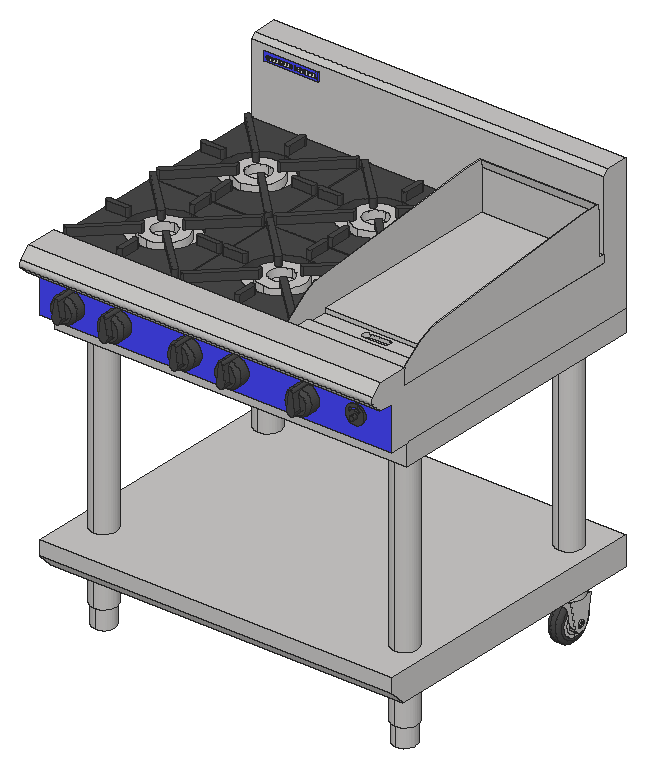
Revit family "QF_MOFFAT_BLUESEAL_CE_G516C-LS", category Specialty Equipment, Revit 2012
Parameters
  Width = 900 mm
  Weight in Pounds = 283  # constant formula
  URL Cutsheet = "www.moffat.com"
  URL = "www.moffat.com"
  Type Mark [instance] = ""
  Status [instance] = ""
  Specification by User [instance] = ""
  Specification by Manufacturer = ""
  Show Logo [instance] = yes
  Show Casters [instance] = yes
  Serial Number = ""
  Seismic Rating = ""
  SMACNA No = ""
  Revision Code [instance] = ""
  Omniclass Number and Title = ""
  NAFEM Spec ID Number = ""
  Model = "G516C-LS"
  Mechanical Remarks = ""
  Mechanical Connection Type = ""
  Masterspec = ""
  Manufacturer = "MOFFAT BLUESEAL"
  Legs [instance] = not(Show Casters)  # no
  Item Number [instance] = ""
  Installed By [instance] = ""
  Identify Quantity as Lot [instance] = yes
  Gas Size = 3/4"
  Gas RI Height = 0 mm
  Gas KW = 34
  Gas Input = 116800.0 Btu/h
  Gas Connection Height = 0 mm
  Furnished By [instance] = ""
  Foodservice Equipment Identifier [instance] = yes
  Description = "900MM GAS COOK TOP ON LEG STAND"
  Depth = 812 mm
  CSI MasterFormat = ""
  CSI Master Format = ""
  Base Height [instance] = 150 mm
Reference planes
  plane 1 "BACK": y = 0
  plane 2: z = 0
  plane 3 "LEFT": x = 0
  plane 4 "RIGHT": x = 900
  plane 5 "FRONT": y = -812
  plane 6 "TOP": z = 970
  plane 7 "Center Y": x = 450
  plane 8 "Center X": y = -406
  plane 9 "Base Height": z = 150
  plane 10: z = 915
  plane 11: x = 770
  plane 12: z = 1085
  plane 13: x = 65.354
  plane 14: y = -625
  plane 15: y = -100
  plane 16: x = 834.646
  plane 17: z = 655
Forms (mm)
  Extrusion 1, solid, material "QF_Finishes_Stainless Steel"
    sketch origin (0, 0, 0) x (0, 1, 0) y (0, 0, 1)
      loop
        line (-749, 850) -> (-749, 740) -> (0, 740) -> (0, 1085) -> (-57.5, 1085) -> (-70, 1072.5) -> (-70, 875) -> (-705, 875) -> (-705, 915) -> (-783.97, 915) -> (-808.485, 890.485)
        arc (-808.485, 890.485) -> (-811.999, 882) -> (-808.485, 873.515) r 12
        line (-808.485, 873.515) -> (-784.97, 850) -> (-749, 850)
      loop
        line (0, 685) -> (0, 739.5) -> (-699, 739.5) -> (-699, 685) -> (0, 685)
      loop
        line (0, 222.5) -> (-749, 222.5) -> (-749, 186) -> (-713, 150) -> (0, 150) -> (0, 222.5)
    from 0 to 900
  Revolve 2, solid, material "QF_Finishes_Black"
    sketch origin (90, 7, 600) x (0, 1, 0) y (0, 0, -1)
      loop
        line (-789, -229.5) -> (-766, -229.5) -> (-766, -202) -> (-756, -202) -> (-756, -197) -> (-800, -197) -> (-800, -223.651) -> (-789, -229.5)
      axis (-800, -197) -> (-756, -197)
    angle from 0 to 360
  Extrusion 3, solid, material "QF_Finishes_Black"
    sketch origin (90, -759, 797) x (0, 0, 1) y (1, 0, 0)
      loop
        arc (32.192, -4.965) -> (37.079, 0.034) -> (32.192, 5.033) r 5
        line (32.192, 5.033) -> (-10.726, 10.453)
        arc (-10.726, 10.453) -> (-22.392, 0.618) -> (-11.893, -10.454) r 10.487
        line (-11.893, -10.454) -> (32.192, -4.965)
    from 0 to -49
  Extrusion 4, solid, material "QF_Finishes_Stainless Steel"
    sketch origin (0, 0, 222.5) x (0, -1, 0) y (1, 0, 0)
      loop
        circle (100, 65) r 31.75
      loop
        circle (625, 65) r 31.75
      loop
        circle (100, 835) r 31.75
      loop
        circle (625, 835) r 31.75
    from 0 to 462.5
  Revolve 5, solid, material "QF_Finishes_Stainless Steel", visible <- "Legs"
    sketch origin (65.5, -166, 0) x (0, 1, 0) y (0, 0, 1)
      loop
        line (34.25, 150) -> (34.25, 50) -> (38.5, 50) -> (38.5, 0) -> (66, 0) -> (66, 150) -> (34.25, 150)
      axis (66, 150) -> (66, 0)
    angle from 0 to 360
  Revolve 6, solid, material "QF_Finishes_Stainless Steel"
    sketch origin (65.5, -735, 0) x (0, 1, 0) y (0, 0, 1)
      loop
        line (78.25, 150) -> (78.25, 50) -> (82.5, 50) -> (82.5, 0) -> (110, 0) -> (110, 150) -> (78.25, 150)
      axis (110, 150) -> (110, 0)
    angle from 0 to 360
  Revolve 7, solid, material "QF_Finishes_Stainless Steel", visible <- "Legs"
    sketch origin (834.646, -166, -0.354) x (0, 1, 0) y (0, 0, -1)
      loop
        line (34.25, -150) -> (66, -150) -> (66, -0.354) -> (38.5, -0.354) -> (38.5, -50) -> (34.25, -50) -> (34.25, -150)
      axis (66, -150) -> (66, -0.354)
    angle from 0 to 360
  Revolve 8, solid, material "QF_Finishes_Stainless Steel"
    sketch origin (834.646, -728, -0.354) x (0, 1, 0) y (0, 0, -1)
      loop
        line (71.25, -150) -> (103, -150) -> (103, -0.354) -> (75.5, -0.354) -> (75.5, -50) -> (71.25, -50) -> (71.25, -150)
      axis (103, -150) -> (103, -0.354)
    angle from 0 to 360
  Revolve 9, solid, material "QF_Finishes_Stainless Steel", visible <- "Show Casters"
    sketch origin (16.276, -100.755, -12.8) x (1, 0, 0) y (0, 0, 1)
      loop
        line (14.841, 63.604) -> (83.584, 63.604) -> (83.584, 67.109) -> (82.314, 68.379) -> (80.79, 68.379) -> (80.79, 71.826) -> (68.644, 71.826) -> (68.644, 81.79) -> (65.088, 83.843) -> (63.738, 92.179) -> (65.881, 92.179) -> (65.881, 98.529) -> (65.088, 98.529) -> (65.088, 104.879)
        arc (65.088, 104.879) -> (62.298, 111.614) -> (55.563, 114.404) r 9.525
        line (55.563, 114.404) -> (42.863, 114.404)
        arc (42.863, 114.404) -> (36.127, 111.614) -> (33.338, 104.879) r 9.525
        line (33.338, 104.879) -> (33.338, 98.529) -> (32.544, 98.529) -> (32.544, 92.179) -> (34.687, 92.179) -> (33.352, 83.932) -> (29.782, 81.871) -> (29.782, 71.826) -> (17.635, 71.826) -> (17.635, 68.379) -> (16.111, 68.379) -> (14.841, 67.109) -> (14.841, 63.604)
      axis (14.841, 63.604) -> (83.584, 63.604)
    angle from 0 to 360
  Extrusion 10, solid, material "QF_Finishes_Stainless Steel", visible <- "Show Casters"
    sketch origin (72.001, 132.353, -8.783) x (0, 1, 0) y (0, 0, 1)
      loop
        line (-200.603, 118.783) -> (-264.103, 118.783) -> (-251.746, 53.895)
        arc (-251.746, 53.895) -> (-232.353, 38.783) -> (-212.959, 53.895) r 20
        line (-212.959, 53.895) -> (-200.603, 118.783)
    from -35.667 to 22.923
  Revolve 11, solid, material "QF_Finishes_Stainless Steel", visible <- "Show Casters"
    sketch origin (65.5, -204, 0) x (0, 1, 0) y (0, 0, 1)
      loop
        line (68.25, 150) -> (68.25, 110) -> (104, 110) -> (104, 150) -> (68.25, 150)
      axis (104, 150) -> (104, 110)
    angle from 0 to 360
  Revolve 12, solid, material "QF_Finishes_Stainless Steel", visible <- "Legs"
    sketch origin (65.5, -166, 0) x (0, 1, 0) y (0, 0, 1)
      loop
        line (34.25, 150) -> (34.25, 50) -> (38.5, 50) -> (38.5, 0) -> (66, 0) -> (66, 150) -> (34.25, 150)
      axis (66, 150) -> (66, 0)
    angle from 0 to 360
  Revolve 13, solid, material "QF_Finishes_Stainless Steel", visible <- "Show Casters"
    sketch origin (485.423, -100.755, -12.798) x (1, 0, 0) y (0, 0, 1)
      loop
        line (314.841, 63.604) -> (383.584, 63.604) -> (383.584, 67.109) -> (382.314, 68.379) -> (380.79, 68.379) -> (380.79, 71.826) -> (368.644, 71.826) -> (368.644, 81.79) -> (365.088, 83.843) -> (363.738, 92.179) -> (365.881, 92.179) -> (365.881, 98.529) -> (365.088, 98.529) -> (365.088, 104.879)
        arc (365.088, 104.879) -> (362.298, 111.614) -> (355.563, 114.404) r 9.525
        line (355.563, 114.404) -> (342.863, 114.404)
        arc (342.863, 114.404) -> (336.127, 111.614) -> (333.338, 104.879) r 9.525
        line (333.338, 104.879) -> (333.338, 98.529) -> (332.544, 98.529) -> (332.544, 92.179) -> (334.687, 92.179) -> (333.352, 83.932) -> (329.782, 81.871) -> (329.782, 71.826) -> (317.635, 71.826) -> (317.635, 68.379) -> (316.111, 68.379) -> (314.841, 67.109) -> (314.841, 63.604)
      axis (314.841, 63.604) -> (383.584, 63.604)
    angle from 0 to 360
  Extrusion 14, solid, material "QF_Finishes_Stainless Steel", visible <- "Show Casters"
    sketch origin (841.147, 132.353, -9.137) x (0, 1, 0) y (0, 0, 1)
      loop
        line (-200.603, 118.783) -> (-264.103, 118.783) -> (-251.746, 53.895)
        arc (-251.746, 53.895) -> (-232.353, 38.783) -> (-212.959, 53.895) r 20
        line (-212.959, 53.895) -> (-200.603, 118.783)
    from -35.667 to 22.923
  Revolve 15, solid, material "QF_Finishes_Stainless Steel", visible <- "Show Casters"
    sketch origin (834.646, -204, -0.354) x (0, 1, 0) y (0, 0, 1)
      loop
        line (68.25, 150) -> (68.25, 110) -> (104, 110) -> (104, 150) -> (68.25, 150)
      axis (104, 150) -> (104, 110)
    angle from 0 to 360
  Extrusion 16, solid, material "QF_Finishes_Stainless Steel"
    sketch origin (0, 0, 685) x (-1, 0, 0) y (0, 1, 0)
      loop
        circle (-770, -32) r 6.35
    from 0 to 30
  Revolve 17, solid, material "QF_Finishes_Black"
    sketch origin (390, 7, 600) x (0, 1, 0) y (0, 0, -1)
      loop
        line (-789, -229.5) -> (-766, -229.5) -> (-766, -202) -> (-756, -202) -> (-756, -197) -> (-800, -197) -> (-800, -223.651) -> (-789, -229.5)
      axis (-800, -197) -> (-756, -197)
    angle from 0 to 360
  Extrusion 18, solid, material "QF_Finishes_Black"
    sketch origin (390, -759, 797) x (0, 0, 1) y (1, 0, 0)
      loop
        arc (32.192, -4.965) -> (37.079, 0.034) -> (32.192, 5.033) r 5
        line (32.192, 5.033) -> (-10.726, 10.453)
        arc (-10.726, 10.453) -> (-22.392, 0.618) -> (-11.893, -10.454) r 10.487
        line (-11.893, -10.454) -> (32.192, -4.965)
    from 0 to -49
  Revolve 19, solid, material "QF_Finishes_Black"
    sketch origin (690, 7, 600) x (0, 1, 0) y (0, 0, -1)
      loop
        line (-789, -229.5) -> (-766, -229.5) -> (-766, -202) -> (-756, -202) -> (-756, -197) -> (-800, -197) -> (-800, -223.651) -> (-789, -229.5)
      axis (-800, -197) -> (-756, -197)
    angle from 0 to 360
  Extrusion 20, solid, material "QF_Finishes_Black"
    sketch origin (690, -759, 797) x (0, 0, 1) y (1, 0, 0)
      loop
        arc (32.192, -4.965) -> (37.079, 0.034) -> (32.192, 5.033) r 5
        line (32.192, 5.033) -> (-10.726, 10.453)
        arc (-10.726, 10.453) -> (-22.392, 0.618) -> (-11.893, -10.454) r 10.487
        line (-11.893, -10.454) -> (32.192, -4.965)
    from 0 to -49
  Extrusion 21, solid, material "QF_Finishes_Black"
    sketch origin (0, -749, 850) x (0, 0, -1) y (1, 0, 0)
      loop
        circle (53, 810) r 23.9
      loop
        arc (45.641, 818.419) -> (46.501, 823.219) -> (41.701, 824.079) r 3.448
        arc (41.701, 824.079) -> (35.116, 809.341) -> (42.919, 795.209) r 18.095
        arc (42.919, 795.209) -> (47.641, 796.491) -> (46.326, 801.204) r 3.448
        arc (46.326, 801.204) -> (42.758, 809.683) -> (45.641, 818.419) r 13.109
    from 0 to 5
  Extrusion 22, solid, material "QF_Finishes_Black"
    sketch origin (0, -754, 850) x (0, 0, -1) y (1, 0, 0)
      loop
        circle (56.5, 810) r 5.75
    from 0 to 10
  Revolve 23, solid, material "QF_Finishes_Black"
    sketch origin (210, 7, 600) x (0, 1, 0) y (0, 0, -1)
      loop
        line (-789, -229.5) -> (-766, -229.5) -> (-766, -202) -> (-756, -202) -> (-756, -197) -> (-800, -197) -> (-800, -223.651) -> (-789, -229.5)
      axis (-800, -197) -> (-756, -197)
    angle from 0 to 360
  Extrusion 24, solid, material "QF_Finishes_Black"
    sketch origin (210, -759, 797) x (0, 0, 1) y (1, 0, 0)
      loop
        arc (32.192, -4.965) -> (37.079, 0.034) -> (32.192, 5.033) r 5
        line (32.192, 5.033) -> (-10.726, 10.453)
        arc (-10.726, 10.453) -> (-22.392, 0.618) -> (-11.893, -10.454) r 10.487
        line (-11.893, -10.454) -> (32.192, -4.965)
    from 0 to -49
  Revolve 25, solid, material "QF_Finishes_Black"
    sketch origin (510, 7, 600) x (0, 1, 0) y (0, 0, -1)
      loop
        line (-789, -229.5) -> (-766, -229.5) -> (-766, -202) -> (-756, -202) -> (-756, -197) -> (-800, -197) -> (-800, -223.651) -> (-789, -229.5)
      axis (-800, -197) -> (-756, -197)
    angle from 0 to 360
  Extrusion 26, solid, material "QF_Finishes_Black"
    sketch origin (510, -759, 797) x (0, 0, 1) y (1, 0, 0)
      loop
        arc (32.192, -4.965) -> (37.079, 0.034) -> (32.192, 5.033) r 5
        line (32.192, 5.033) -> (-10.726, 10.453)
        arc (-10.726, 10.453) -> (-22.392, 0.618) -> (-11.893, -10.454) r 10.487
        line (-11.893, -10.454) -> (32.192, -4.965)
    from 0 to -49
Lines and regions (mm)
  Split face 1
    outline origin (0, -56.5, 1085) x (0, 1, 0) y (-1, 0, 0)
      loop
        line (11.115, -338.041) -> (11.115, -566)
        arc (11.115, -566) -> (16.115, -574.66) -> (26.115, -574.66) r 10
        line (26.115, -574.66) -> (33.115, -570.619)
        arc (33.115, -570.619) -> (36.775, -566.959) -> (38.115, -561.959) r 10
        line (38.115, -561.959) -> (38.115, -334)
        arc (38.115, -334) -> (33.115, -325.34) -> (23.115, -325.34) r 10
        line (23.115, -325.34) -> (16.115, -329.381)
        arc (16.115, -329.381) -> (12.455, -333.041) -> (11.115, -338.041) r 10
  Split face 2
    outline origin (0, -56.5, 1085) x (0, 1, 0) y (-1, 0, 0)
      loop
        line (38.115, -851.959) -> (38.115, -624)
        arc (38.115, -624) -> (33.115, -615.34) -> (23.115, -615.34) r 10
        line (23.115, -615.34) -> (16.115, -619.381)
        arc (16.115, -619.381) -> (12.455, -623.041) -> (11.115, -628.041) r 10
        line (11.115, -628.041) -> (11.115, -856)
        arc (11.115, -856) -> (16.115, -864.66) -> (26.115, -864.66) r 10
        line (26.115, -864.66) -> (33.115, -860.619)
        arc (33.115, -860.619) -> (36.775, -856.959) -> (38.115, -851.959) r 10
  Split face 3
    outline origin (0, -56.5, 1085) x (0, 1, 0) y (-1, 0, 0)
      loop
        line (11.115, -48.041) -> (11.115, -276)
        arc (11.115, -276) -> (16.115, -284.66) -> (26.115, -284.66) r 10
        line (26.115, -284.66) -> (33.115, -280.619)
        arc (33.115, -280.619) -> (36.775, -276.959) -> (38.115, -271.959) r 10
        line (38.115, -271.959) -> (38.115, -44)
        arc (38.115, -44) -> (33.115, -35.34) -> (23.115, -35.34) r 10
        line (23.115, -35.34) -> (16.115, -39.381)
        arc (16.115, -39.381) -> (12.455, -43.041) -> (11.115, -48.041) r 10
  symbolic lines, style "SpecialityEquipmentHiddenLines", visible <- "Show Casters"
    curve 1: line (78.456, -46.735, 0) -> (105.952, -62.61, 0)
    curve 2: line (27.656, -134.723, 0) -> (78.456, -46.735, 0)
    curve 3: line (55.152, -150.598, 0) -> (27.656, -134.723, 0)
    curve 4: line (105.952, -62.61, 0) -> (55.152, -150.598, 0)
    curve 5: line (848.456, -46.735, 0) -> (875.952, -62.61, 0)
    curve 6: line (797.656, -134.723, 0) -> (848.456, -46.735, 0)
    curve 7: line (825.152, -150.598, 0) -> (797.656, -134.723, 0)
    curve 8: line (875.952, -62.61, 0) -> (825.152, -150.598, 0)
  symbolic lines
    curve 9: line (0, -783.97, 0) -> (900, -783.97, 0)
    curve 10: line (0, 0, 0) -> (0, -811.999, 0)
    curve 11: line (900, -811.999, 0) -> (900, 0, 0)
    curve 12: line (900, -811.999, 0) -> (0, -811.999, 0)
    curve 13: line (0, -70, 0) -> (900, -70, 0)
    curve 14: line (0, -57.5, 0) -> (900, -57.5, 0)
    curve 15: line (900, 0, 0) -> (0, 0, 0)
    curve 16: line (561.959, -18.385, 0) -> (334, -18.385, 0)
    curve 17: arc (334, -18.385, 0) -> (325.34, -23.385, 0) -> (325.34, -33.385, 0) r 10
    curve 18: line (325.34, -33.385, 0) -> (329.381, -40.385, 0)
    curve 19: arc (329.381, -40.385, 0) -> (333.041, -44.045, 0) -> (338.041, -45.385, 0) r 10
    curve 20: line (338.041, -45.385, 0) -> (566, -45.385, 0)
    curve 21: arc (566, -45.385, 0) -> (574.66, -40.385, 0) -> (574.66, -30.385, 0) r 10
    curve 22: line (574.66, -30.385, 0) -> (570.619, -23.385, 0)
    curve 23: arc (570.619, -23.385, 0) -> (566.959, -19.725, 0) -> (561.959, -18.385, 0) r 10
    curve 24: line (851.959, -18.385, 0) -> (624, -18.385, 0)
    curve 25: arc (624, -18.385, 0) -> (615.34, -23.385, 0) -> (615.34, -33.385, 0) r 10
    curve 26: line (615.34, -33.385, 0) -> (619.381, -40.385, 0)
    curve 27: arc (619.381, -40.385, 0) -> (623.041, -44.045, 0) -> (628.041, -45.385, 0) r 10
    curve 28: line (628.041, -45.385, 0) -> (856, -45.385, 0)
    curve 29: arc (856, -45.385, 0) -> (864.66, -40.385, 0) -> (864.66, -30.385, 0) r 10
    curve 30: line (864.66, -30.385, 0) -> (860.619, -23.385, 0)
    curve 31: arc (860.619, -23.385, 0) -> (856.959, -19.725, 0) -> (851.959, -18.385, 0) r 10
    curve 32: line (271.959, -18.385, 0) -> (44, -18.385, 0)
    curve 33: arc (44, -18.385, 0) -> (35.34, -23.385, 0) -> (35.34, -33.385, 0) r 10
    curve 34: line (35.34, -33.385, 0) -> (39.381, -40.385, 0)
    curve 35: arc (39.381, -40.385, 0) -> (43.041, -44.045, 0) -> (48.041, -45.385, 0) r 10
    curve 36: line (48.041, -45.385, 0) -> (276, -45.385, 0)
    curve 37: arc (276, -45.385, 0) -> (284.66, -40.385, 0) -> (284.66, -30.385, 0) r 10
    curve 38: line (284.66, -30.385, 0) -> (280.619, -23.385, 0)
    curve 39: arc (280.619, -23.385, 0) -> (276.959, -19.725, 0) -> (271.959, -18.385, 0) r 10
    curve 40: line (0, -705, 0) -> (900, -705, 0)
Dimensions and locks
  equal spacing: plane 3 "LEFT", plane 7 "Center Y", plane 4 "RIGHT"
  "Width": plane 3 "LEFT" to plane 4 "RIGHT"
  equal spacing: plane 5 "FRONT", plane 8 "Center X", plane 1 "BACK"
  "Depth": plane 5 "FRONT" to plane 1 "BACK"
  equal spacing: plane 4 "RIGHT", plane 7 "Center Y", plane 3 "LEFT"
  plane 4 "RIGHT" to plane 3 "LEFT" = 900 mm
  plane 5 "FRONT" to plane 1 "BACK" = 812 mm
  "Base Height": plane 9 "Base Height" to level
  plane 6 "TOP" to level = 970 mm
  plane 10 to level = 915 mm
  plane 11 to plane 4 "RIGHT" = 130 mm
  plane 12 to plane 2 = 1085 mm
  Revolve 9 sketch curve to Revolve 9 sketch curve = 50.8 mm
  Revolve 13 sketch curve to Revolve 13 sketch curve = 50.8 mm
  plane 15 to plane 14 = 525 mm
  plane 17 to plane 2 = 655 mm
  Extrusion 16 sketch curve to plane 1 "BACK" = 32 mm
  aligned and locked: level to plane 2
Automatic sketch dimensions
  plane 1 "BACK" to curve 15 = 0 mm
  curve 15 to plane 3 "LEFT" = 0 mm
  curve 11 to plane 4 "RIGHT" = 0 mm
  plane 3 "LEFT" to curve 2 = 27.656 mm
  plane 13 to curve 34 = 30.014 mm
  curve 34 to curve 34 = 4.041 mm
  curve 33 to curve 33 = 8.66 mm
  curve 34 to curve 35 = 8.66 mm
  plane 13 to curve 3 = 10.202 mm
  curve 1 to plane 13 = 13.102 mm
  plane 1 "BACK" to curve 39 = 18.385 mm
  curve 1 to curve 39 = 166.007 mm
  curve 39 to curve 37 = 4.041 mm
  curve 32 to curve 39 = 8.66 mm
  plane 1 "BACK" to curve 38 = 30.385 mm
  curve 38 to curve 38 = 4.041 mm
  plane 1 "BACK" to curve 18 = 33.385 mm
  curve 38 to curve 18 = 40.679 mm
  curve 17 to curve 19 = 4.041 mm  (x2)
  curve 17 to curve 16 = 8.66 mm
  plane 1 "BACK" to curve 23 = 28.385 mm
  plane 7 "Center Y" to curve 23 = 111.959 mm
  curve 23 to curve 20 = 4.041 mm
  curve 16 to curve 23 = 8.66 mm
  curve 23 to curve 21 = 4.041 mm
  plane 1 "BACK" to curve 26 = 33.385 mm
  curve 22 to curve 26 = 40.679 mm
  curve 26 to curve 27 = 4.041 mm
  curve 25 to curve 24 = 8.66 mm
  curve 26 to curve 27 = 8.66 mm
  plane 11 to curve 6 = 27.656 mm
  curve 8 to plane 16 = 9.494 mm
  plane 16 to curve 6 = 13.809 mm
  plane 16 to curve 24 = 17.312 mm
  curve 5 to curve 28 = 7.544 mm
  curve 31 to curve 31 = 8.66 mm
  curve 31 to curve 29 = 4.041 mm
  curve 33 to curve 32 = 15 mm
  curve 27 to curve 25 = 2 mm
  curve 37 to curve 37 = 5 mm
  curve 35 to curve 33 = 7 mm
  plane 1 "BACK" to curve 29 = 35.385 mm
  curve 21 to curve 23 = 7 mm
  curve 19 to curve 17 = 2 mm
  curve 27 to curve 26 = 7 mm
  curve 18 to curve 17 = 7 mm
  curve 1 to curve 36 = 1.35 mm
  curve 6 to curve 28 = 1.35 mm
  curve 14 to plane 15 = 42.5 mm
  curve 5 to curve 14 = 5.11 mm
  curve 4 to curve 1 = 15.875 mm
  curve 13 to curve 14 = 12.5 mm
  plane 14 to curve 40 = 80 mm
  curve 9 to plane 5 "FRONT" = 28.03 mm
  curve 12 to plane 5 "FRONT" = 0.001 mm
  curve 27 to curve 25 = 7 mm
  curve 19 to curve 17 = 7 mm
  curve 29 to curve 31 = 7 mm
  curve 37 to curve 39 = 7 mm
  plane 10 to Extrusion 1 sketch curve = 0 mm
  Extrusion 1 sketch curve to plane 9 "Base Height" = 0 mm
  plane 12 to Extrusion 1 sketch curve = 0 mm
  Extrusion 1 sketch curve to plane 1 "BACK" = 0 mm  (x3)
  Extrusion 1 sketch curve to plane 15 = 42.5 mm
  plane 12 to Extrusion 1 sketch curve = 12.5 mm
  Extrusion 1 sketch curve to Extrusion 1 sketch curve = 12.5 mm
  plane 17 to Extrusion 1 sketch curve = 30 mm
  plane 14 to Extrusion 1 sketch curve = 74 mm
  plane 14 to Extrusion 1 sketch curve = 80 mm
  plane 14 to Extrusion 1 sketch curve = 88 mm
  Extrusion 1 sketch curve to Extrusion 1 sketch curve = 44 mm
  Extrusion 1 sketch curve to Extrusion 1 sketch curve = 36 mm
  Extrusion 1 sketch curve to plane 5 "FRONT" = 28.03 mm
  Extrusion 1 sketch curve to plane 5 "FRONT" = 27.03 mm
  Extrusion 1 sketch curve to plane 5 "FRONT" = 12.001 mm
  Extrusion 1 sketch curve to plane 5 "FRONT" = 3.515 mm  (x2)
  plane 9 "Base Height" to Extrusion 1 sketch curve = 36 mm
  plane 9 "Base Height" to Extrusion 1 sketch curve = 72.5 mm
  Extrusion 1 sketch curve to Extrusion 1 sketch curve = 54.5 mm
  Extrusion 1 sketch curve to Extrusion 1 sketch curve = 0.5 mm
  plane 10 to Extrusion 1 sketch curve = 65 mm
  Extrusion 1 sketch curve to Extrusion 1 sketch curve = 23.515 mm
  plane 10 to Extrusion 1 sketch curve = 40 mm
  Extrusion 1 sketch curve to Extrusion 1 sketch curve = 8.485 mm
  Revolve 2 sketch curve to plane 5 "FRONT" = 19 mm
  Revolve 2 sketch curve to Revolve 2 sketch curve = 0 mm  (x2)
  Revolve 2 sketch curve to Revolve 2 sketch curve = 11 mm
  Revolve 2 sketch curve to Revolve 2 sketch curve = 12.7 mm
  Revolve 2 sketch curve to Revolve 2 sketch curve = 23 mm
  Revolve 2 sketch curve to Revolve 2 sketch curve = 10 mm
  plane 10 to Revolve 2 sketch curve = 85.5 mm
  Revolve 2 sketch curve to Revolve 2 sketch curve = 5.849 mm
  Revolve 2 sketch curve to Revolve 2 sketch curve = 27.5 mm
  Revolve 2 sketch curve to Revolve 2 sketch curve = 5 mm
  Extrusion 3 sketch curve to Revolve 2 = 0.034 mm  (x2)
  Revolve 2 to Extrusion 3 sketch curve = 10.454 mm
  Extrusion 3 sketch curve to Extrusion 3 sketch curve = 0.028 mm
  Extrusion 3 sketch curve to Revolve 2 = 10.453 mm
  Extrusion 3 sketch curve to Extrusion 3 sketch curve = 44 mm
  Extrusion 3 sketch curve to Revolve 2 = 5.033 mm
  Extrusion 3 sketch curve to Extrusion 3 sketch curve = 0.113 mm
  Revolve 2 to Extrusion 3 sketch curve = 4.965 mm
  Extrusion 4 sketch curve to Extrusion 4 sketch curve = 0 mm  (x8)
  Extrusion 1 to Extrusion 4 sketch curve = 68.25 mm  (x2)
  Extrusion 4 sketch curve to Extrusion 4 sketch curve = 31.75 mm  (x4)
  Extrusion 4 sketch curve to Extrusion 1 = 155.75 mm  (x2)
  Extrusion 1 to Extrusion 4 sketch curve = 65 mm  (x4)
  Revolve 5 sketch curve to plane 9 "Base Height" = 0 mm
  Revolve 5 sketch curve to level = 0 mm
  Revolve 5 sketch curve to plane 15 = 0 mm  (x2)
  plane 15 to Revolve 5 sketch curve = 27.5 mm
  plane 15 to Revolve 5 sketch curve = 31.75 mm
  Revolve 5 sketch curve to Revolve 5 sketch curve = 55 mm
  level to Revolve 5 sketch curve = 50 mm
  Revolve 5 sketch curve to Revolve 5 sketch curve = 0 mm
  Revolve 6 sketch curve to plane 9 "Base Height" = 0 mm
  Revolve 6 sketch curve to level = 0 mm
  Revolve 6 sketch curve to plane 14 = 0 mm  (x2)
  Revolve 6 sketch curve to Revolve 6 sketch curve = 27.5 mm
  Revolve 6 sketch curve to Revolve 6 sketch curve = 31.75 mm
  Revolve 6 sketch curve to Revolve 6 sketch curve = 55 mm
  level to Revolve 6 sketch curve = 50 mm
  Revolve 6 sketch curve to Revolve 6 sketch curve = 0 mm
  Revolve 7 sketch curve to level = 0 mm
  Revolve 7 sketch curve to plane 15 = 0 mm  (x2)
  plane 15 to Revolve 7 sketch curve = 27.5 mm
  Revolve 7 sketch curve to plane 9 "Base Height" = 0.354 mm
  plane 15 to Revolve 7 sketch curve = 31.75 mm
  level to Revolve 7 sketch curve = 49.646 mm
  Revolve 7 sketch curve to Revolve 7 sketch curve = 0 mm
  Revolve 7 sketch curve to level = 55.354 mm
  Revolve 8 sketch curve to level = 0 mm
  Revolve 8 sketch curve to plane 14 = 0 mm  (x2)
  Revolve 8 sketch curve to Revolve 8 sketch curve = 27.5 mm
  Revolve 8 sketch curve to plane 9 "Base Height" = 0.354 mm
  plane 14 to Revolve 8 sketch curve = 31.75 mm
  level to Revolve 8 sketch curve = 49.646 mm
  Revolve 8 sketch curve to Revolve 8 sketch curve = 0 mm
  Revolve 8 sketch curve to Revolve 8 sketch curve = 55.354 mm
  plane 3 "LEFT" to Revolve 9 sketch curve = 31.118 mm
  Revolve 9 sketch curve to Revolve 9 sketch curve = 1.27 mm  (x4)
  Revolve 9 sketch curve to Revolve 9 sketch curve = 1.524 mm  (x2)
  Revolve 9 sketch curve to Revolve 9 sketch curve = 12.146 mm  (x2)
  plane 13 to Revolve 9 sketch curve = 16.533 mm
  Revolve 9 sketch curve to Revolve 9 sketch curve = 0.794 mm  (x2)
  Revolve 9 sketch curve to Revolve 9 sketch curve = 3.57 mm
  Revolve 9 sketch curve to Revolve 9 sketch curve = 2.143 mm
  plane 13 to Revolve 9 sketch curve = 6.215 mm
  Revolve 9 sketch curve to plane 13 = 5.276 mm
  Revolve 9 sketch curve to plane 13 = 6.485 mm
  Revolve 9 sketch curve to plane 13 = 14.661 mm
  Revolve 9 sketch curve to Revolve 9 sketch curve = 1.349 mm  (x2)
  Revolve 9 sketch curve to Revolve 9 sketch curve = 3.556 mm
  Revolve 9 sketch curve to Revolve 9 sketch curve = 33.32 mm
  level to Revolve 9 sketch curve = 50.804 mm
  Revolve 9 sketch curve to Revolve 9 sketch curve = 0 mm
  Revolve 9 sketch curve to Revolve 9 sketch curve = 3.505 mm  (x2)
  Revolve 9 sketch curve to Revolve 9 sketch curve = 3.447 mm  (x2)
  Revolve 9 sketch curve to Revolve 9 sketch curve = 9.964 mm
  Revolve 9 sketch curve to Revolve 9 sketch curve = 10.045 mm
  Revolve 9 sketch curve to Revolve 9 sketch curve = 2.053 mm
  Revolve 9 sketch curve to Revolve 9 sketch curve = 2.061 mm
  Revolve 9 sketch curve to Revolve 9 sketch curve = 8.247 mm
  Revolve 9 sketch curve to Revolve 9 sketch curve = 8.336 mm
  Revolve 9 sketch curve to Revolve 9 sketch curve = 6.35 mm  (x2)
  Extrusion 10 sketch curve to plane 15 = 0 mm
  plane 15 to Extrusion 10 sketch curve = 19.393 mm
  plane 15 to Extrusion 10 sketch curve = 31.75 mm
  Extrusion 10 sketch curve to plane 15 = 19.393 mm
  Extrusion 10 sketch curve to plane 15 = 31.75 mm
  level to Extrusion 10 sketch curve = 45.111 mm
  Extrusion 10 sketch curve to Extrusion 10 sketch curve = 4.889 mm
  Extrusion 10 sketch curve to plane 9 "Base Height" = 40 mm
  Revolve 11 sketch curve to plane 9 "Base Height" = 0 mm
  Revolve 11 sketch curve to plane 15 = 0 mm  (x2)
  plane 15 to Revolve 11 sketch curve = 35.75 mm
  Revolve 11 sketch curve to Revolve 11 sketch curve = 40 mm
  level to Revolve 11 sketch curve = 50 mm
  Revolve 11 sketch curve to level = 55 mm
  Revolve 12 sketch curve to plane 9 "Base Height" = 0 mm
  Revolve 12 sketch curve to level = 0 mm
  Revolve 12 sketch curve to plane 15 = 0 mm  (x2)
  plane 15 to Revolve 12 sketch curve = 27.5 mm
  plane 15 to Revolve 12 sketch curve = 31.75 mm
  Revolve 12 sketch curve to Revolve 12 sketch curve = 55 mm
  level to Revolve 12 sketch curve = 50 mm
  Revolve 12 sketch curve to Revolve 12 sketch curve = 0 mm
  plane 11 to Revolve 13 sketch curve = 30.264 mm
  Revolve 13 sketch curve to Revolve 13 sketch curve = 1.27 mm  (x4)
  Revolve 13 sketch curve to Revolve 13 sketch curve = 1.524 mm  (x2)
  Revolve 13 sketch curve to Revolve 13 sketch curve = 12.146 mm  (x2)
  Revolve 13 sketch curve to plane 16 = 16.68 mm
  Revolve 13 sketch curve to Revolve 13 sketch curve = 0.794 mm  (x2)
  Revolve 13 sketch curve to Revolve 13 sketch curve = 3.57 mm
  Revolve 13 sketch curve to Revolve 13 sketch curve = 2.143 mm
  Revolve 13 sketch curve to plane 16 = 6.361 mm
  plane 16 to Revolve 13 sketch curve = 5.13 mm
  plane 16 to Revolve 13 sketch curve = 6.339 mm
  plane 16 to Revolve 13 sketch curve = 14.515 mm
  Revolve 13 sketch curve to Revolve 13 sketch curve = 1.349 mm  (x2)
  Revolve 13 sketch curve to Revolve 13 sketch curve = 3.556 mm
  Revolve 13 sketch curve to plane 4 "RIGHT" = 2.327 mm
  level to Revolve 13 sketch curve = 50.806 mm
  Revolve 13 sketch curve to Revolve 13 sketch curve = 0 mm
  Revolve 13 sketch curve to Revolve 13 sketch curve = 3.505 mm  (x2)
  Revolve 13 sketch curve to Revolve 13 sketch curve = 3.447 mm  (x2)
  Revolve 13 sketch curve to Revolve 13 sketch curve = 9.964 mm
  Revolve 13 sketch curve to Revolve 13 sketch curve = 10.045 mm
  Revolve 13 sketch curve to Revolve 13 sketch curve = 2.053 mm
  Revolve 13 sketch curve to Revolve 13 sketch curve = 2.061 mm
  Revolve 13 sketch curve to Revolve 13 sketch curve = 8.247 mm
  Revolve 13 sketch curve to Revolve 13 sketch curve = 8.336 mm
  Revolve 13 sketch curve to Revolve 13 sketch curve = 6.35 mm  (x2)
  Extrusion 14 sketch curve to plane 15 = 0 mm
  plane 15 to Extrusion 14 sketch curve = 19.393 mm
  plane 15 to Extrusion 14 sketch curve = 31.75 mm
  Extrusion 14 sketch curve to plane 15 = 19.393 mm
  Extrusion 14 sketch curve to plane 15 = 31.75 mm
  level to Extrusion 14 sketch curve = 44.758 mm
  Extrusion 14 sketch curve to Extrusion 14 sketch curve = 4.889 mm
  Extrusion 14 sketch curve to plane 9 "Base Height" = 40.354 mm
  Revolve 15 sketch curve to plane 15 = 0 mm  (x2)
  Revolve 15 sketch curve to plane 9 "Base Height" = 0.354 mm
  plane 15 to Revolve 15 sketch curve = 35.75 mm
  Revolve 15 sketch curve to Revolve 15 sketch curve = 40 mm
  level to Revolve 15 sketch curve = 49.646 mm
  Revolve 15 sketch curve to level = 55.354 mm
  Extrusion 16 sketch curve to Extrusion 16 sketch curve = 0 mm
  Extrusion 16 sketch curve to Extrusion 1 = 38.35 mm
  Extrusion 16 sketch curve to Extrusion 1 = 130 mm
  Split face 1 sketch curve to Extrusion 1 = 12.115 mm
  Split face 1 sketch curve to Split face 1 sketch curve = 5 mm  (x2)
  Split face 1 sketch curve to Split face 1 sketch curve = 10 mm  (x3)
  Split face 1 sketch curve to Split face 1 sketch curve = 7 mm  (x4)
  Split face 1 sketch curve to Extrusion 1 = 325.34 mm
  Split face 1 sketch curve to Split face 1 sketch curve = 4.041 mm  (x2)
  Split face 1 sketch curve to Split face 1 sketch curve = 223.917 mm
  Split face 2 sketch curve to Extrusion 1 = 12.115 mm
  Split face 2 sketch curve to Split face 2 sketch curve = 5 mm  (x2)
  Split face 2 sketch curve to Split face 2 sketch curve = 10 mm  (x3)
  Split face 2 sketch curve to Split face 2 sketch curve = 7 mm  (x4)
  Split face 2 sketch curve to Extrusion 1 = 35.34 mm
  Split face 2 sketch curve to Split face 2 sketch curve = 4.041 mm  (x2)
  Split face 2 sketch curve to Split face 2 sketch curve = 223.917 mm
  Split face 3 sketch curve to Extrusion 1 = 12.115 mm
  Split face 3 sketch curve to Split face 3 sketch curve = 5 mm  (x3)
  Split face 3 sketch curve to Split face 3 sketch curve = 10 mm  (x2)
  Split face 3 sketch curve to Split face 3 sketch curve = 7 mm  (x4)
  Split face 3 sketch curve to Extrusion 1 = 284.66 mm
  Split face 3 sketch curve to Split face 3 sketch curve = 4.041 mm  (x2)
  Split face 3 sketch curve to Extrusion 1 = 48.041 mm
  Revolve 17 sketch curve to plane 5 "FRONT" = 19 mm
  Revolve 17 sketch curve to Revolve 17 sketch curve = 0 mm  (x2)
  Revolve 17 sketch curve to Revolve 17 sketch curve = 11 mm
  Revolve 17 sketch curve to Revolve 17 sketch curve = 12.7 mm
  Revolve 17 sketch curve to Revolve 17 sketch curve = 23 mm
  Revolve 17 sketch curve to Revolve 17 sketch curve = 10 mm
  plane 10 to Revolve 17 sketch curve = 85.5 mm
  Revolve 17 sketch curve to Revolve 17 sketch curve = 5.849 mm
  Revolve 17 sketch curve to Revolve 17 sketch curve = 27.5 mm
  Revolve 17 sketch curve to Revolve 17 sketch curve = 5 mm
  Extrusion 18 sketch curve to Revolve 17 = 0.034 mm  (x2)
  Revolve 17 to Extrusion 18 sketch curve = 10.454 mm
  Extrusion 18 sketch curve to Extrusion 18 sketch curve = 0.028 mm
  Extrusion 18 sketch curve to Revolve 17 = 10.453 mm
  Extrusion 18 sketch curve to Extrusion 18 sketch curve = 44 mm
  Extrusion 18 sketch curve to Revolve 17 = 5.033 mm
  Extrusion 18 sketch curve to Extrusion 18 sketch curve = 0.113 mm
  Revolve 17 to Extrusion 18 sketch curve = 4.965 mm
  Revolve 19 sketch curve to plane 5 "FRONT" = 19 mm
  Revolve 19 sketch curve to Revolve 19 sketch curve = 0 mm  (x2)
  Revolve 19 sketch curve to Revolve 19 sketch curve = 11 mm
  Revolve 19 sketch curve to Revolve 19 sketch curve = 12.7 mm
  Revolve 19 sketch curve to Revolve 19 sketch curve = 23 mm
  Revolve 19 sketch curve to Revolve 19 sketch curve = 10 mm
  plane 10 to Revolve 19 sketch curve = 85.5 mm
  Revolve 19 sketch curve to Revolve 19 sketch curve = 5.849 mm
  Revolve 19 sketch curve to Revolve 19 sketch curve = 27.5 mm
  Revolve 19 sketch curve to Revolve 19 sketch curve = 5 mm
  Extrusion 20 sketch curve to Revolve 19 = 0.034 mm  (x2)
  Revolve 19 to Extrusion 20 sketch curve = 10.454 mm
  Extrusion 20 sketch curve to Extrusion 20 sketch curve = 0.028 mm
  Extrusion 20 sketch curve to Revolve 19 = 10.453 mm
  Extrusion 20 sketch curve to Extrusion 20 sketch curve = 44 mm
  Extrusion 20 sketch curve to Revolve 19 = 5.033 mm
  Extrusion 20 sketch curve to Extrusion 20 sketch curve = 0.113 mm
  Revolve 19 to Extrusion 20 sketch curve = 4.965 mm
  Extrusion 21 sketch curve to Extrusion 1 = 41.701 mm
  Extrusion 21 sketch curve to Extrusion 21 sketch curve = 1.218 mm
  Extrusion 21 sketch curve to Extrusion 21 sketch curve = 1.97 mm  (x2)
  Extrusion 21 sketch curve to Extrusion 21 sketch curve = 1.724 mm
  Extrusion 21 sketch curve to Extrusion 21 sketch curve = 1.683 mm
  Extrusion 21 sketch curve to Extrusion 21 sketch curve = 6.674 mm
  Extrusion 21 sketch curve to Extrusion 21 sketch curve = 0.195 mm
  Extrusion 21 sketch curve to Extrusion 21 sketch curve = 2.662 mm
  Extrusion 1 to Extrusion 21 sketch curve = 104.791 mm
  Extrusion 21 sketch curve to Extrusion 21 sketch curve = 2.986 mm
  Extrusion 21 sketch curve to Extrusion 21 sketch curve = 8.796 mm
  Extrusion 21 sketch curve to Extrusion 21 sketch curve = 0.103 mm
  Extrusion 21 sketch curve to Extrusion 21 sketch curve = 0.102 mm
  Revolve 23 sketch curve to plane 5 "FRONT" = 19 mm
  Revolve 23 sketch curve to Revolve 23 sketch curve = 0 mm  (x2)
  Revolve 23 sketch curve to Revolve 23 sketch curve = 11 mm
  Revolve 23 sketch curve to Revolve 23 sketch curve = 12.7 mm
  Revolve 23 sketch curve to Revolve 23 sketch curve = 23 mm
  Revolve 23 sketch curve to Revolve 23 sketch curve = 10 mm
  plane 10 to Revolve 23 sketch curve = 85.5 mm
  Revolve 23 sketch curve to Revolve 23 sketch curve = 5.849 mm
  Revolve 23 sketch curve to Revolve 23 sketch curve = 27.5 mm
  Revolve 23 sketch curve to Revolve 23 sketch curve = 5 mm
  Extrusion 24 sketch curve to Revolve 23 = 0.034 mm  (x2)
  Revolve 23 to Extrusion 24 sketch curve = 10.454 mm
  Extrusion 24 sketch curve to Extrusion 24 sketch curve = 0.028 mm
  Extrusion 24 sketch curve to Revolve 23 = 10.453 mm
  Extrusion 24 sketch curve to Extrusion 24 sketch curve = 44 mm
  Extrusion 24 sketch curve to Revolve 23 = 5.033 mm
  Extrusion 24 sketch curve to Extrusion 24 sketch curve = 0.113 mm
  Revolve 23 to Extrusion 24 sketch curve = 4.965 mm
  Revolve 25 sketch curve to plane 5 "FRONT" = 19 mm
  Revolve 25 sketch curve to Revolve 25 sketch curve = 0 mm  (x2)
  Revolve 25 sketch curve to Revolve 25 sketch curve = 11 mm
  Revolve 25 sketch curve to Revolve 25 sketch curve = 12.7 mm
  Revolve 25 sketch curve to Revolve 25 sketch curve = 23 mm
  Revolve 25 sketch curve to Revolve 25 sketch curve = 10 mm
  plane 10 to Revolve 25 sketch curve = 85.5 mm
  Revolve 25 sketch curve to Revolve 25 sketch curve = 5.849 mm
  Revolve 25 sketch curve to Revolve 25 sketch curve = 27.5 mm
  Revolve 25 sketch curve to Revolve 25 sketch curve = 5 mm
  Extrusion 26 sketch curve to Revolve 25 = 0.034 mm  (x2)
  Revolve 25 to Extrusion 26 sketch curve = 10.454 mm
  Extrusion 26 sketch curve to Extrusion 26 sketch curve = 0.028 mm
  Extrusion 26 sketch curve to Revolve 25 = 10.453 mm
  Extrusion 26 sketch curve to Extrusion 26 sketch curve = 44 mm
  Extrusion 26 sketch curve to Revolve 25 = 5.033 mm
  Extrusion 26 sketch curve to Extrusion 26 sketch curve = 0.113 mm
  Revolve 25 to Extrusion 26 sketch curve = 4.965 mm
  radius of Extrusion 21 sketch curve = 23.9 mm
  radius of Extrusion 22 sketch curve = 5.75 mm
Nested families
  nested 1: "WALDORF LOGO_FACE BASE" at (32, -70, 1057.475) x (1, 0, 0) z (0, -1, 0), visible <- "Show Logo", type "WALDORF LOGO_FACE BASE", detail levels medium+fine
    with Show Logo yes
  nested 2: "GAS BURNER 600 & GRIDDLE 300" at (0, -69.854, 875), type "GAS BURNER 600 & GRIDDLE 300"
    with Width 900 mm, Type Mark "", Status "", Specification by User "", Revision Code "", Item Number "", Installed By "", Identify Quantity as Lot yes, Furnished By "", Foodservice Equipment Identifier yes, Depth 635 mm
Connectors
  piping at (770, -32, 655)
    settings: on Extrusion 16, index 1, connector radius 0.37402", flow factor 0, pipe flow 0 GPM, pressure drop 0.00 psi, fitting loss kfactor 0, connector angle 0.00°, fixture units 0, engagement length 0 mm, flow configuration 1, flow direction 1, fitting loss method 0, system type 7, joint type 0, gender type 0, connector reference index -1, connector utility 0, adjustable connector no, is connector primary yes, fitting loss table "", connector description "GAS CONNECTION"
Definition of nested family "WALDORF LOGO_FACE BASE"
  Parameters (values of type "WALDORF LOGO_FACE BASE")
    Show Logo [instance] = yes
    Default Elevation = 1219.2 mm
  Reference planes
    plane 1 "Center (Front/Back)": y = 0
    plane 2: z = 0
    plane 3 "Center (Left/Right)": x = 0
  Forms (mm)
    Extrusion 1, solid
      sketch origin (0, 0, 0) x (1, 0, 0) y (0, 1, 0)
        loop
          line (-1219.2, 1219.2) -> (-1219.2, -1219.2) -> (1219.2, -1219.2) -> (1219.2, 1219.2) -> (-1219.2, 1219.2)
      from 0 to -304.8
    Extrusion 2, solid, material "QF_Finishes_Blue", visible <- "Show Logo"
      sketch origin (0, -33.217, 0) x (1, 0, 0) y (0, 1, 0)
        loop
          arc (138, 31.942) -> (137.626, 32.844) -> (136.724, 33.217) r 1.276
          line (136.724, 33.217) -> (1.29, 33.217)
          arc (1.29, 33.217) -> (0.378, 32.839) -> (0, 31.927) r 1.29
          line (0, 31.927) -> (0, 11.507)
          arc (0, 11.507) -> (0.378, 10.595) -> (1.29, 10.217) r 1.29
          line (1.29, 10.217) -> (136.71, 10.217)
          arc (136.71, 10.217) -> (137.622, 10.595) -> (138, 11.507) r 1.29
          line (138, 11.507) -> (138, 31.942)
      from 0 to 1.588
    Extrusion 3, solid, material "QF_Finishes_White", visible <- "Show Logo"
      sketch origin (0, -33.217, 1.588) x (1, 0, 0) y (0, 1, 0)
        loop
          arc (108.946, 25.919) -> (107.613, 25.367) -> (107.061, 24.034) r 1.885
          line (107.061, 24.034) -> (107.061, 17.211) -> (112.704, 17.211) -> (112.704, 19.129) -> (115.546, 19.129) -> (115.546, 17.211) -> (121.584, 17.211) -> (121.584, 24.075)
          arc (121.584, 24.075) -> (121.043, 25.379) -> (119.739, 25.919) r 1.845
          line (119.739, 25.919) -> (108.946, 25.919)
        loop
          line (123.478, 25.919) -> (123.478, 17.163) -> (134.904, 17.163) -> (134.904, 19.129) -> (129.246, 19.129) -> (129.246, 25.919) -> (123.478, 25.919)
        loop
          line (112.704, 21.258) -> (115.546, 21.258) -> (115.546, 22.702)
          arc (115.546, 22.702) -> (115.344, 23.188) -> (114.858, 23.389) r 0.687
          line (114.858, 23.389) -> (113.363, 23.389)
          arc (113.363, 23.389) -> (112.897, 23.196) -> (112.704, 22.73) r 0.658
          line (112.704, 22.73) -> (112.704, 21.258)
        loop
          line (105.071, 25.919) -> (93.771, 25.919) -> (93.771, 17.163) -> (105.071, 17.163) -> (105.071, 19.063) -> (99.535, 19.063) -> (99.535, 20.437) -> (105.071, 20.437) -> (105.071, 22.278) -> (99.535, 22.278) -> (99.535, 23.587) -> (105.071, 23.587) -> (105.071, 25.919)
        loop
          line (91.104, 25.919) -> (79.541, 25.919)
          arc (79.541, 25.919) -> (78.558, 25.513) -> (78.152, 24.53) r 1.389
          line (78.152, 24.53) -> (78.152, 22.08)
          arc (78.152, 22.08) -> (78.558, 21.098) -> (79.541, 20.691) r 1.389
          line (79.541, 20.691) -> (86.346, 20.691) -> (86.346, 18.864) -> (83.266, 18.864) -> (83.266, 19.664) -> (78.152, 19.664) -> (78.152, 18.553)
          arc (78.152, 18.553) -> (78.558, 17.57) -> (79.541, 17.163) r 1.389
          line (79.541, 17.163) -> (91.063, 17.163)
          arc (91.063, 17.163) -> (92.045, 17.57) -> (92.452, 18.553) r 1.389
          line (92.452, 18.553) -> (92.452, 20.691)
          arc (92.452, 20.691) -> (92.045, 21.673) -> (91.063, 22.08) r 1.389
          line (91.063, 22.08) -> (83.266, 22.08) -> (83.266, 23.984) -> (86.346, 23.984) -> (86.346, 22.743) -> (92.452, 22.743) -> (92.452, 24.571)
          arc (92.452, 24.571) -> (92.057, 25.524) -> (91.104, 25.919) r 1.348
        loop
          line (70.705, 25.919) -> (59.405, 25.919) -> (59.405, 17.163) -> (70.705, 17.163) -> (70.705, 19.063) -> (65.169, 19.063) -> (65.169, 20.437) -> (70.705, 20.437) -> (70.705, 22.278) -> (65.169, 22.278) -> (65.169, 23.587) -> (70.705, 23.587) -> (70.705, 25.919)
        loop
          line (57.598, 25.919) -> (51.7, 25.919) -> (51.7, 20.18)
          arc (51.7, 20.18) -> (50.63, 19.11) -> (49.56, 20.18) r 1.07
          line (49.56, 20.18) -> (49.56, 25.919) -> (43.663, 25.919) -> (43.663, 19.049)
          arc (43.663, 19.049) -> (44.215, 17.716) -> (45.548, 17.163) r 1.885
          line (45.548, 17.163) -> (55.71, 17.163)
          arc (55.71, 17.163) -> (57.045, 17.716) -> (57.598, 19.051) r 1.887
          line (57.598, 19.051) -> (57.598, 25.919)
        loop
          line (31.62, 25.919) -> (31.62, 17.163) -> (43.046, 17.163) -> (43.046, 19.129) -> (37.388, 19.129) -> (37.388, 25.919) -> (31.62, 25.919)
        loop
          line (15.969, 25.919) -> (15.969, 17.163) -> (28.693, 17.163)
          arc (28.693, 17.163) -> (29.812, 17.627) -> (30.276, 18.746) r 1.582
          line (30.276, 18.746) -> (30.276, 20.447) -> (29.48, 21.243) -> (30.276, 22.039) -> (30.276, 24.332)
          arc (30.276, 24.332) -> (29.811, 25.454) -> (28.688, 25.919) r 1.587
          line (28.688, 25.919) -> (15.969, 25.919)
        loop
          line (21.449, 24.159) -> (21.449, 22.436) -> (23.862, 22.436)
          arc (23.862, 22.436) -> (24.723, 23.298) -> (23.862, 24.159) r 0.861
          line (23.862, 24.159) -> (21.449, 24.159)
        loop
          line (21.449, 20.244) -> (21.449, 18.522) -> (23.862, 18.522)
          arc (23.862, 18.522) -> (24.723, 19.383) -> (23.862, 20.244) r 0.861
          line (23.862, 20.244) -> (21.449, 20.244)
      from 0 to 0.2
    Extrusion 4, solid, material "QF_Finishes_Blue", visible <- "Show Logo"
      sketch origin (-126.498, -31.09, 1.588) x (1, 0, 0) y (0, 1, 0)
        loop
          line (136.738, 23.522) -> (136.738, 15.1)
          arc (136.738, 15.1) -> (140.756, 19.311) -> (136.738, 23.522) r 4.216
      from 0 to 0.2
    Extrusion 5, solid, material "QF_Finishes_Red", visible <- "Show Logo"
      sketch origin (146.849, -31.09, 1.588) x (-1, 0, 0) y (0, -1, 0)
        loop
          arc (136.738, -23.522) -> (140.756, -19.311) -> (136.738, -15.1) r 4.216
          line (136.738, -15.1) -> (136.738, -23.522)
      from 0 to 0.2
  Lines and regions (mm)
    Split face 1
      outline origin (-90.35, -30.793, 1.588) x (1, 0, 0) y (0, 1, 0)
        loop
          circle (100.54, 19.013) r 4.536
  Dimensions and locks
    aligned and locked: plane 2 to Extrusion 1
    aligned and locked: level to Extrusion 1
Definition of nested family "GAS BURNER 600 & GRIDDLE 300"
  Parameters (values of type "GAS BURNER 600 & GRIDDLE 300")
    Width [instance] = 900 mm
    Weight in Pounds = 0
    URL Cutsheet = ""
    Type Mark [instance] = ""
    Status [instance] = ""
    Specification by User [instance] = ""
    Specification by Manufacturer = ""
    Serial Number = ""
    Seismic Rating = ""
    SMACNA No = ""
    Revision Code [instance] = ""
    Omniclass Number and Title = ""
    NAFEM Spec ID Number = ""
    Masterspec = ""
    Item Number [instance] = ""
    Installed By [instance] = ""
    Identify Quantity as Lot [instance] = yes
    Furnished By [instance] = ""
    Foodservice Equipment Identifier [instance] = yes
    Depth [instance] = 635 mm
    CSI MasterFormat = ""
    CSI Master Format = ""
  Reference planes
    plane 1 "BACK": y = 0
    plane 2: z = 0
    plane 3 "LEFT": x = 0
    plane 4 "RIGHT": x = 900
    plane 5 "FRONT": y = -635
    plane 6 "TOP": z = 142.5
    plane 7 "Center Y": x = 450
    plane 8 "Center X": y = -317.5
  Dimensions and locks
    equal spacing: plane 3 "LEFT", plane 7 "Center Y", plane 4 "RIGHT"
    "Width": plane 3 "LEFT" to plane 4 "RIGHT"
    equal spacing: plane 5 "FRONT", plane 8 "Center X", plane 1 "BACK"
    "Depth": plane 5 "FRONT" to plane 1 "BACK"
    aligned and locked: level to plane 2
  Nested families
    nested 1: "GAS BURNER 600" at (0, 0, 0), type "GAS BURNER 600"
      with Width 600 mm, Type Mark "", Status "", Specification by User "", Revision Code "", Item Number "", Installed By "", Identify Quantity as Lot yes, Furnished By "", Foodservice Equipment Identifier yes, Depth 635 mm
    nested 2: "GAS GRIDDLE PLATE 300" at (600, -15, 0), type "GAS GRIDDLE PLATE 300"
      with Width 300 mm, Type Mark "", Status "", Specification by User "", Revision Code "", Item Number "", Installed By "", Identify Quantity as Lot yes, Furnished By "", Foodservice Equipment Identifier yes, Depth 620 mm
  Definition of nested family "GAS BURNER 600"
    Parameters (values of type "GAS BURNER 600")
      Width [instance] = 600 mm
      Weight in Pounds = 0
      URL Cutsheet = ""
      Type Mark [instance] = ""
      Status [instance] = ""
      Specification by User [instance] = ""
      Specification by Manufacturer = ""
      Serial Number = ""
      Seismic Rating = ""
      SMACNA No = ""
      Revision Code [instance] = ""
      Omniclass Number and Title = ""
      NAFEM Spec ID Number = ""
      Masterspec = ""
      Item Number [instance] = ""
      Installed By [instance] = ""
      Identify Quantity as Lot [instance] = yes
      Furnished By [instance] = ""
      Foodservice Equipment Identifier [instance] = yes
      Depth [instance] = 635 mm
      CSI MasterFormat = ""
      CSI Master Format = ""
    Reference planes
      plane 1 "BACK": y = 0
      plane 2: z = 0
      plane 3 "LEFT": x = 0
      plane 4 "RIGHT": x = 600
      plane 5 "FRONT": y = -635
      plane 6 "TOP": z = 142.5
      plane 7 "Center Y": x = 300
      plane 8 "Center X": y = -317.5
    Forms (mm)
      Extrusion 1, solid, material "QF_Finishes_Black"
        sketch origin (0, 0, 0) x (0, -1, 0) y (1, 0, 0)
          loop
            line (318.5, 4) -> (318.5, 296)
            arc (318.5, 296) -> (317.621, 298.121) -> (315.5, 299) r 3
            line (315.5, 299) -> (3, 299)
            arc (3, 299) -> (0.879, 298.121) -> (0, 296) r 3
            line (0, 296) -> (0, 4)
            arc (0, 4) -> (0.879, 1.879) -> (3, 1) r 3
            line (3, 1) -> (315.5, 1)
            arc (315.5, 1) -> (317.621, 1.879) -> (318.5, 4) r 3
          loop
            line (324.5, 1) -> (632, 1)
            arc (632, 1) -> (634.121, 1.879) -> (635, 4) r 3
            line (635, 4) -> (635, 296)
            arc (635, 296) -> (634.121, 298.121) -> (632, 299) r 3
            line (632, 299) -> (324.5, 299)
            arc (324.5, 299) -> (322.379, 298.121) -> (321.5, 296) r 3
            line (321.5, 296) -> (321.5, 4)
            arc (321.5, 4) -> (322.379, 1.879) -> (324.5, 1) r 3
          loop
            circle (168.5, 149.991) r 84.082
          loop
            circle (468.5, 149.991) r 84.082
        from 0 to 19.5
      Extrusion 2, solid, material "QF_Finishes_Black"
        sketch origin (0, 0, 19.5) x (0, -1, 0) y (1, 0, 0)
          loop
            spline (326.102, 15.153) -> (325.181, 13.924) -> (324.631, 12.47) -> (324.49, 10.89) -> (324.767, 9.292) -> (325.443, 7.786) -> (326.473, 6.473) -> (327.786, 5.443) -> (329.292, 4.767) -> (330.89, 4.49) -> (332.47, 4.631) -> (333.924, 5.181) -> (335.153, 6.102)
            line (335.153, 6.102) -> (443.076, 114.025)
            spline (443.076, 114.025) -> (443.837, 115.095) -> (444.238, 116.399) -> (444.251, 117.851) -> (443.875, 119.35) -> (443.137, 120.795) -> (442.086, 122.086) -> (440.795, 123.137) -> (439.35, 123.875) -> (437.851, 124.251) -> (436.399, 124.238) -> (435.095, 123.837) -> (434.025, 123.076)
            line (434.025, 123.076) -> (326.102, 15.153)
          loop
            spline (328.898, 156.4) -> (327.604, 156.182) -> (326.398, 155.543) -> (325.362, 154.525) -> (324.568, 153.2) -> (324.068, 151.656) -> (323.898, 150) -> (324.068, 148.344) -> (324.568, 146.8) -> (325.362, 145.475) -> (326.398, 144.457) -> (327.604, 143.818) -> (328.898, 143.6)
            line (328.898, 143.6) -> (378.102, 143.6)
            spline (378.102, 143.6) -> (379.396, 143.818) -> (380.602, 144.457) -> (381.638, 145.475) -> (382.432, 146.8) -> (382.932, 148.344) -> (383.102, 150) -> (382.932, 151.656) -> (382.432, 153.2) -> (381.638, 154.525) -> (380.602, 155.543) -> (379.396, 156.182) -> (378.102, 156.4)
            line (378.102, 156.4) -> (328.898, 156.4)
          loop
            spline (335.153, 293.898) -> (334.084, 294.659) -> (332.779, 295.059) -> (331.328, 295.072) -> (329.829, 294.697) -> (328.384, 293.959) -> (327.092, 292.908) -> (326.041, 291.616) -> (325.303, 290.171) -> (324.928, 288.672) -> (324.941, 287.221) -> (325.341, 285.916) -> (326.102, 284.847)
            line (326.102, 284.847) -> (434.025, 176.924)
            spline (434.025, 176.924) -> (435.095, 176.163) -> (436.399, 175.762) -> (437.851, 175.749) -> (439.35, 176.125) -> (440.795, 176.863) -> (442.086, 177.914) -> (443.137, 179.205) -> (443.875, 180.65) -> (444.251, 182.149) -> (444.238, 183.601) -> (443.837, 184.905) -> (443.076, 185.975)
            line (443.076, 185.975) -> (335.153, 293.898)
          loop
            line (463.6, 291.102) -> (463.6, 241.898)
            spline (463.6, 241.898) -> (463.818, 240.604) -> (464.457, 239.398) -> (465.475, 238.362) -> (466.8, 237.568) -> (468.344, 237.068) -> (470, 236.898) -> (471.656, 237.068) -> (473.2, 237.568) -> (474.525, 238.362) -> (475.543, 239.398) -> (476.182, 240.604) -> (476.4, 241.898)
            line (476.4, 241.898) -> (476.4, 291.102)
            spline (476.4, 291.102) -> (476.182, 292.396) -> (475.543, 293.602) -> (474.525, 294.638) -> (473.2, 295.432) -> (471.656, 295.932) -> (470, 296.102) -> (468.344, 295.932) -> (466.8, 295.432) -> (465.475, 294.638) -> (464.457, 293.602) -> (463.818, 292.396) -> (463.6, 291.102)
          loop
            spline (612.398, 284.847) -> (613.159, 285.916) -> (613.559, 287.221) -> (613.572, 288.672) -> (613.197, 290.171) -> (612.459, 291.616) -> (611.408, 292.908) -> (610.116, 293.959) -> (608.671, 294.697) -> (607.172, 295.072) -> (605.721, 295.059) -> (604.416, 294.659) -> (603.347, 293.898)
            line (603.347, 293.898) -> (496.924, 185.975)
            spline (496.924, 185.975) -> (496.163, 184.905) -> (495.762, 183.601) -> (495.749, 182.149) -> (496.125, 180.65) -> (496.863, 179.205) -> (497.914, 177.914) -> (499.205, 176.863) -> (500.65, 176.125) -> (502.149, 175.749) -> (503.601, 175.762) -> (504.905, 176.163) -> (505.975, 176.924)
            line (505.975, 176.924) -> (612.398, 284.847)
          loop
            spline (609.602, 143.6) -> (610.896, 143.818) -> (612.102, 144.457) -> (613.138, 145.475) -> (613.932, 146.8) -> (614.432, 148.344) -> (614.602, 150) -> (614.432, 151.656) -> (613.932, 153.2) -> (613.138, 154.525) -> (612.102, 155.543) -> (610.896, 156.182) -> (609.602, 156.4)
            line (609.602, 156.4) -> (561.898, 156.4)
            spline (561.898, 156.4) -> (560.604, 156.182) -> (559.398, 155.543) -> (558.362, 154.525) -> (557.568, 153.2) -> (557.068, 151.656) -> (556.898, 150) -> (557.068, 148.344) -> (557.568, 146.8) -> (558.362, 145.475) -> (559.398, 144.457) -> (560.604, 143.818) -> (561.898, 143.6)
            line (561.898, 143.6) -> (609.602, 143.6)
          loop
            line (612.398, 15.153) -> (505.975, 123.076)
            spline (505.975, 123.076) -> (504.905, 123.837) -> (503.601, 124.238) -> (502.149, 124.251) -> (500.65, 123.875) -> (499.205, 123.137) -> (497.914, 122.086) -> (496.863, 120.795) -> (496.125, 119.35) -> (495.749, 117.851) -> (495.762, 116.399) -> (496.163, 115.095) -> (496.924, 114.025)
            line (496.924, 114.025) -> (603.347, 6.102)
            spline (603.347, 6.102) -> (604.416, 5.341) -> (605.721, 4.941) -> (607.172, 4.928) -> (608.671, 5.303) -> (610.116, 6.041) -> (611.408, 7.092) -> (612.459, 8.384) -> (613.197, 9.829) -> (613.572, 11.328) -> (613.559, 12.779) -> (613.159, 14.084) -> (612.398, 15.153)
          loop
            line (476.4, 8.898) -> (476.4, 58.102)
            spline (476.4, 58.102) -> (476.182, 59.396) -> (475.543, 60.602) -> (474.525, 61.638) -> (473.2, 62.432) -> (471.656, 62.932) -> (470, 63.102) -> (468.344, 62.932) -> (466.8, 62.432) -> (465.475, 61.638) -> (464.457, 60.602) -> (463.818, 59.396) -> (463.6, 58.102)
            line (463.6, 58.102) -> (463.6, 8.898)
            spline (463.6, 8.898) -> (463.818, 7.604) -> (464.457, 6.398) -> (465.475, 5.362) -> (466.8, 4.568) -> (468.344, 4.068) -> (470, 3.898) -> (471.656, 4.068) -> (473.2, 4.568) -> (474.525, 5.362) -> (475.543, 6.398) -> (476.182, 7.604) -> (476.4, 8.898)
          loop
            spline (22.602, 15.153) -> (21.681, 13.924) -> (21.131, 12.47) -> (20.99, 10.89) -> (21.267, 9.292) -> (21.943, 7.786) -> (22.973, 6.473) -> (24.286, 5.443) -> (25.792, 4.767) -> (27.39, 4.49) -> (28.97, 4.631) -> (30.424, 5.181) -> (31.653, 6.102)
            line (31.653, 6.102) -> (139.576, 114.025)
            spline (139.576, 114.025) -> (140.337, 115.095) -> (140.738, 116.399) -> (140.751, 117.851) -> (140.375, 119.35) -> (139.637, 120.795) -> (138.586, 122.086) -> (137.295, 123.137) -> (135.85, 123.875) -> (134.351, 124.251) -> (132.899, 124.238) -> (131.595, 123.837) -> (130.525, 123.076)
            line (130.525, 123.076) -> (22.602, 15.153)
          loop
            spline (25.398, 156.4) -> (24.104, 156.182) -> (22.898, 155.543) -> (21.862, 154.525) -> (21.068, 153.2) -> (20.568, 151.656) -> (20.398, 150) -> (20.568, 148.344) -> (21.068, 146.8) -> (21.862, 145.475) -> (22.898, 144.457) -> (24.104, 143.818) -> (25.398, 143.6)
            line (25.398, 143.6) -> (74.602, 143.6)
            spline (74.602, 143.6) -> (75.896, 143.818) -> (77.102, 144.457) -> (78.138, 145.475) -> (78.932, 146.8) -> (79.432, 148.344) -> (79.602, 150) -> (79.432, 151.656) -> (78.932, 153.2) -> (78.138, 154.525) -> (77.102, 155.543) -> (75.896, 156.182) -> (74.602, 156.4)
            line (74.602, 156.4) -> (25.398, 156.4)
          loop
            spline (31.653, 293.898) -> (30.584, 294.659) -> (29.279, 295.059) -> (27.828, 295.072) -> (26.329, 294.697) -> (24.884, 293.959) -> (23.592, 292.908) -> (22.541, 291.616) -> (21.803, 290.171) -> (21.428, 288.672) -> (21.441, 287.221) -> (21.841, 285.916) -> (22.602, 284.847)
            line (22.602, 284.847) -> (130.525, 176.924)
            spline (130.525, 176.924) -> (131.595, 176.163) -> (132.899, 175.762) -> (134.351, 175.749) -> (135.85, 176.125) -> (137.295, 176.863) -> (138.586, 177.914) -> (139.637, 179.205) -> (140.375, 180.65) -> (140.751, 182.149) -> (140.738, 183.601) -> (140.337, 184.905) -> (139.576, 185.975)
            line (139.576, 185.975) -> (31.653, 293.898)
          loop
            line (160.1, 291.102) -> (160.1, 241.898)
            spline (160.1, 241.898) -> (160.318, 240.604) -> (160.957, 239.398) -> (161.975, 238.362) -> (163.3, 237.568) -> (164.844, 237.068) -> (166.5, 236.898) -> (168.156, 237.068) -> (169.7, 237.568) -> (171.025, 238.362) -> (172.043, 239.398) -> (172.682, 240.604) -> (172.9, 241.898)
            line (172.9, 241.898) -> (172.9, 291.102)
